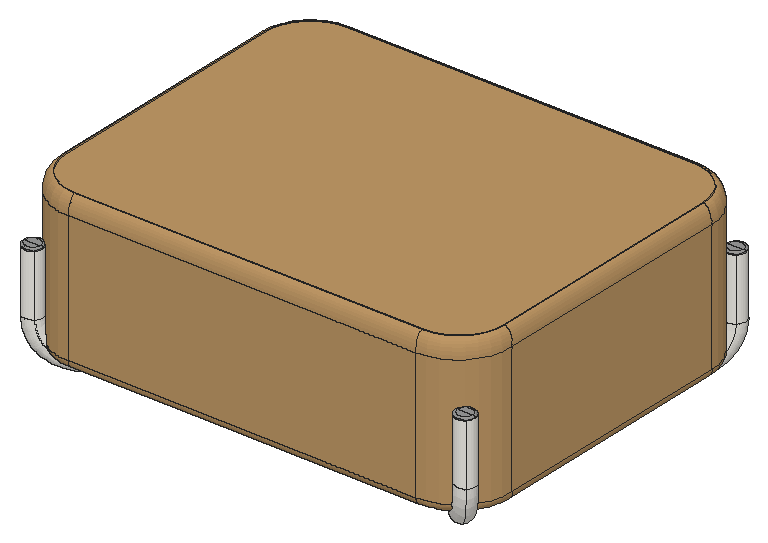
Revit family "FU_Modular_Sandler_Cosmo 1510", category Furniture, Revit 2020
Family settings
  OmniClass Number = 23.40.20.00
  OmniClass Title = General Furniture and Specialties
  Work Plane-Based = No
  Always vertical = Yes
  Cut with Voids When Loaded = No
  Shared = No
  Room Calculation Point = No
Parameters (values of type "Cosmo 1510")
  Width = 1110 mm
  URL = "https://www.sandlerseating.com/product/cosmo-1510/"
  Seat [instance] = Fabric - Gravity - Sunni CPC20
  Model = "Cosmo 1510"
  Manufacturer = "Sandler"
  Height = 800 mm
  Frame [instance] = Metal - Paint -AL VR - Pure White
  Description = "Modular ottoman with exposed steel frame. Can be used individually or added to other elements in the Cosmo range to form modular lounge seating."
  Depth = 880 mm
  Default Elevation = 0 mm
Reference planes
  plane 1 "Center (Front/Back)": y = 0
  plane 2: z = 0
  plane 3 "Center (Left/Right)": x = 0
  plane 4 "Right": x = -555
  plane 5 "Left": x = 555
  plane 6 "Back": y = 440
  plane 7 "Front": y = -440
  plane 8 "Height": z = 800
  plane 9 "Seat height": z = 440
  plane 10 "Frame Base C RIGHT": z = 33.282
  plane 11 "Frame Front C RIGHT": y = -414.45
  plane 12 "Frame Back C RIGHT": y = 415.775
  plane 13 "Frame Left C FRONT": x = 530.501
  plane 14 "Frame Back Left C TOP": through (209.563, 94.979, 1200) normal (-0.7071, 0.7071, 0)
  plane 15 "Frame Front C TOP": through (209.497, -93.945, 1200) normal (0.7071, 0.7071, 0)
  plane 16 "Frame Right C FRONT": x = -530.501
  plane 17: z = 290
Forms (mm)
  Sweep 1, solid, material "Metal - Paint -AL VR - Pure White" <- "Frame"
    path origin (0, 0, 33.282) x (0, -1, 0) y (1, 0, 0)
      loop
        line (319.706, 435.757) -> (73.771, 189.822)
        arc (73.771, 189.822) -> (-0.733, 158.961) -> (-75.238, 189.822) r 105.365
        line (-75.238, 189.822) -> (-321.173, 435.757)
    profile "Pro_Circles : 48mm" origin (312.789, -196.738, 33.282) x (-0.707107, -0.707107, 0) y (0, 0, 1)
      loop
        arc (-23.967, 0.067) -> (-17.014, -16.92) -> (-0.066, -23.967) r 23.901
        arc (-0.066, -23.967) -> (16.967, -16.967) -> (23.967, 0.067) r 23.901
        arc (23.967, 0.067) -> (16.92, 17.014) -> (-0.067, 23.967) r 23.9
        arc (-0.067, 23.967) -> (-16.966, 16.966) -> (-23.967, 0.067) r 23.9
  Sweep 2, solid, material "Metal - Paint -AL VR - Pure White" <- "Frame"
    path origin (57.776, 57.776, 0) x (-0.707107, 0.707107, 0) y (0, 0, 1)
      loop
        line (-532.237, 33.282) -> (-562.237, 33.282)
        arc (-562.237, 33.282) -> (-636.483, 64.036) -> (-667.237, 138.282) r 105
        line (-667.237, 138.282) -> (-667.237, 290)
    profile "Pro_Circles : 48mm" origin (444.731, -329.179, 33.282) x (0, 0, -1) y (0.707107, 0.707107, 0)
      loop
        arc (-23.967, 0.067) -> (-17.014, -16.92) -> (-0.066, -23.967) r 23.901
        arc (-0.066, -23.967) -> (16.967, -16.967) -> (23.967, 0.067) r 23.901
        arc (23.967, 0.067) -> (16.92, 17.014) -> (-0.067, 23.967) r 23.9
        arc (-0.067, 23.967) -> (-16.966, 16.966) -> (-23.967, 0.067) r 23.9
  Sweep 3, solid, material "Metal - Paint -AL VR - Pure White" <- "Frame"
    path origin (57.776, -57.776, 0) x (-0.707107, -0.707107, 0) y (0, 0, -1)
      loop
        line (-532.237, -33.282) -> (-562.237, -33.282)
        arc (-562.237, -33.282) -> (-636.483, -64.036) -> (-667.237, -138.282) r 105
        line (-667.237, -138.282) -> (-667.237, -290)
    profile "Pro_Circles : 48mm" origin (444.731, 329.179, 33.282) x (0, 0, 1) y (0.707107, -0.707107, 0)
      loop
        arc (23.967, 0.067) -> (16.966, 16.966) -> (0.067, 23.967) r 23.9
        arc (0.067, 23.967) -> (-16.92, 17.014) -> (-23.967, 0.067) r 23.9
        arc (-23.967, 0.067) -> (-16.967, -16.967) -> (0.066, -23.967) r 23.901
        arc (0.066, -23.967) -> (17.014, -16.92) -> (23.967, 0.067) r 23.901
  Sweep 4, solid, material "Metal - Paint -AL VR - Pure White" <- "Frame"
    path origin (0, 0, 33.282) x (0, -1, 0) y (-1, 0, 0)
      loop
        line (319.706, 435.757) -> (73.771, 189.822)
        arc (73.771, 189.822) -> (-0.733, 158.961) -> (-75.238, 189.822) r 105.365
        line (-75.238, 189.822) -> (-321.173, 435.757)
    profile "Pro_Circles : 48mm" origin (-312.789, -196.738, 33.282) x (-0.707107, 0.707107, 0) y (0, 0, 1)
      loop
        arc (23.967, 0.067) -> (16.966, 16.966) -> (0.067, 23.967) r 23.9
        arc (0.067, 23.967) -> (-16.92, 17.014) -> (-23.967, 0.067) r 23.9
        arc (-23.967, 0.067) -> (-16.967, -16.967) -> (0.066, -23.967) r 23.901
        arc (0.066, -23.967) -> (17.014, -16.92) -> (23.967, 0.067) r 23.901
  Sweep 5, solid, material "Metal - Paint -AL VR - Pure White" <- "Frame"
    path origin (-57.776, 57.776, 0) x (0.707107, 0.707107, 0) y (0, 0, -1)
      loop
        line (-532.237, -33.282) -> (-562.237, -33.282)
        arc (-562.237, -33.282) -> (-636.483, -64.036) -> (-667.237, -138.282) r 105
        line (-667.237, -138.282) -> (-667.237, -290)
    profile "Pro_Circles : 48mm" origin (-444.731, -329.179, 33.282) x (0, 0, 1) y (-0.707107, 0.707107, 0)
      loop
        arc (23.967, 0.067) -> (16.966, 16.966) -> (0.067, 23.967) r 23.9
        arc (0.067, 23.967) -> (-16.92, 17.014) -> (-23.967, 0.067) r 23.9
        arc (-23.967, 0.067) -> (-16.967, -16.967) -> (0.066, -23.967) r 23.901
        arc (0.066, -23.967) -> (17.014, -16.92) -> (23.967, 0.067) r 23.901
  Sweep 6, solid, material "Metal - Paint -AL VR - Pure White" <- "Frame"
    path origin (-57.776, -57.776, 0) x (0.707107, -0.707107, 0) y (0, 0, 1)
      loop
        line (-532.237, 33.282) -> (-562.237, 33.282)
        arc (-562.237, 33.282) -> (-636.483, 64.036) -> (-667.237, 138.282) r 105
        line (-667.237, 138.282) -> (-667.237, 290)
    profile "Pro_Circles : 48mm" origin (-444.731, 329.179, 33.282) x (0, 0, -1) y (-0.707107, -0.707107, 0)
      loop
        arc (-23.967, 0.067) -> (-17.014, -16.92) -> (-0.066, -23.967) r 23.901
        arc (-0.066, -23.967) -> (16.967, -16.967) -> (23.967, 0.067) r 23.901
        arc (23.967, 0.067) -> (16.92, 17.014) -> (-0.067, 23.967) r 23.9
        arc (-0.067, 23.967) -> (-16.966, 16.966) -> (-23.967, 0.067) r 23.9
  Revolve 7, solid, material "Rubber, Black"
    sketch origin (-0.781, -414.45, -401) x (0, 0, -1) y (1, 0, 0)
      loop
        line (-695.421, 530.33) -> (-695.421, 511.266)
        arc (-695.421, 511.266) -> (-694.22, 508.04) -> (-691.201, 506.385) r 4.933
        arc (-691.201, 506.385) -> (-690.636, 506.55) -> (-690.39, 507.086) r 0.708
        line (-690.39, 507.086) -> (-690.39, 508.836) -> (-685.421, 508.836) -> (-685.421, 530.33) -> (-695.421, 530.33)
      axis (-695.421, 530.33) -> (-685.421, 530.33)
    angle from 0 to 360
  Revolve 8, solid, material "Rubber, Black"
    sketch origin (0.781, -414.45, -401) x (0, 0, -1) y (-1, 0, 0)
      loop
        line (-695.421, 530.33) -> (-695.421, 511.266)
        arc (-695.421, 511.266) -> (-694.22, 508.04) -> (-691.201, 506.385) r 4.933
        arc (-691.201, 506.385) -> (-690.636, 506.55) -> (-690.39, 507.086) r 0.708
        line (-690.39, 507.086) -> (-690.39, 508.836) -> (-685.421, 508.836) -> (-685.421, 530.33) -> (-695.421, 530.33)
      axis (-695.421, 530.33) -> (-685.421, 530.33)
    angle from 0 to 360
  Revolve 9, solid, material "Rubber, Black"
    sketch origin (-0.781, 414.001, -401) x (0, 0, -1) y (-1, 0, 0)
      loop
        line (-695.421, -530.33) -> (-685.421, -530.33) -> (-685.421, -508.836) -> (-690.39, -508.836) -> (-690.39, -507.086)
        arc (-690.39, -507.086) -> (-690.636, -506.55) -> (-691.201, -506.385) r 0.708
        arc (-691.201, -506.385) -> (-694.22, -508.04) -> (-695.421, -511.266) r 4.933
        line (-695.421, -511.266) -> (-695.421, -530.33)
      axis (-695.421, -530.33) -> (-685.421, -530.33)
    angle from 0 to 360
  Revolve 10, solid, material "Rubber, Black"
    sketch origin (0.781, 414.001, -401) x (0, 0, -1) y (-1, 0, 0)
      loop
        line (-695.421, 530.33) -> (-695.421, 511.266)
        arc (-695.421, 511.266) -> (-694.22, 508.04) -> (-691.201, 506.385) r 4.933
        arc (-691.201, 506.385) -> (-690.636, 506.55) -> (-690.39, 507.086) r 0.708
        line (-690.39, 507.086) -> (-690.39, 508.836) -> (-685.421, 508.836) -> (-685.421, 530.33) -> (-695.421, 530.33)
      axis (-695.421, 530.33) -> (-685.421, 530.33)
    angle from 0 to 360
  Extrusion 11, solid, material "Rubber, Black"
    sketch origin (0, 0, 0) x (1, 0, 0) y (0, 1, 0)
      loop
        circle (384.746, 270.162) r 12.5
    from 0 to 33.282
  Extrusion 12, solid, material "Rubber, Black"
    sketch origin (0, 0, 0) x (1, 0, 0) y (0, 1, 0)
      loop
        circle (384.746, -270.162) r 12.5
    from 0 to 33.282
  Extrusion 13, solid, material "Rubber, Black"
    sketch origin (0, 0, 0) x (-1, 0, 0) y (0, -1, 0)
      loop
        circle (384.746, -270.162) r 12.5
    from 0 to 33.282
  Extrusion 14, solid, material "Rubber, Black"
    sketch origin (0, 0, 0) x (-1, 0, 0) y (0, -1, 0)
      loop
        circle (384.746, 270.162) r 12.5
    from 0 to 33.282
  Extrusion 15, solid, material "Fabric - Gravity - Sunni CPC20" <- "Seat"
    sketch origin (0, 0, 33.282) x (0, -1, 0) y (1, 0, 0)
      loop
        arc (-415.775, -425.667) -> (-383.557, -503.448) -> (-305.775, -535.667) r 110
        line (-305.775, -535.667) -> (304.45, -535.667)
        arc (304.45, -535.667) -> (382.232, -503.448) -> (414.45, -425.667) r 110
        line (414.45, -425.667) -> (414.45, 425.667)
        arc (414.45, 425.667) -> (382.232, 503.448) -> (304.45, 535.667) r 110
        line (304.45, 535.667) -> (-305.775, 535.667)
        arc (-305.775, 535.667) -> (-383.557, 503.448) -> (-415.775, 425.667) r 110
        line (-415.775, 425.667) -> (-415.775, -425.667)
    from 25.7 to 406.718
  Sweep 16, solid, material "Fabric - Gravity - Sunni CPC20" <- "Seat"
    path in 3D
      loop
        arc (-535.667, -304.45, 440) -> (-503.448, -382.232, 440) -> (-425.667, -414.45, 440) r 110
        line (-425.667, -414.45, 440) -> (425.667, -414.45, 440)
        arc (425.667, -414.45, 440) -> (503.448, -382.232, 440) -> (535.667, -304.45, 440) r 110
        line (535.667, -304.45, 440) -> (535.667, 305.775, 440)
        arc (535.667, 305.775, 440) -> (503.448, 383.557, 440) -> (425.667, 415.775, 440) r 110
        line (425.667, 415.775, 440) -> (-425.667, 415.775, 440)
        arc (-425.667, 415.775, 440) -> (-503.448, 383.557, 440) -> (-535.667, 305.775, 440) r 110
        line (-535.667, 305.775, 440) -> (-535.667, -304.45, 440)
    profile "Pro_Cosmo_SeatEdge : Pro_Cosmo_SeatEdge" origin (-535.667, 0.662, 440) x (1, 0, 0) y (0, 0, 1)
      loop
        line (-21, -42) -> (-21, -360)
        arc (-21, -360) -> (-14.849, -374.849) -> (0, -381) r 21
        line (0, -381) -> (0, 0)
        spline (0, 0) -> (-2.741, -0.359) -> (-5.435, -1.431) -> (-8.036, -3.197) -> (-10.5, -5.627) -> (-12.784, -8.679) -> (-14.849, -12.302) -> (-16.66, -16.432) -> (-18.187, -21) -> (-19.401, -25.927) -> (-20.284, -31.13) -> (-20.82, -36.518) -> (-21, -42)
Lines and regions (mm)
  sketch lines
    curve 1: line (-535.667, 305.775, 440) -> (-535.667, -304.45, 440)
    curve 2: arc (-425.667, -414.45, 440) -> (-503.448, -382.232, 440) -> (-535.667, -304.45, 440) r 110
    curve 3: line (-425.667, -414.45, 440) -> (425.667, -414.45, 440)
    curve 4: arc (535.667, -304.45, 440) -> (503.448, -382.232, 440) -> (425.667, -414.45, 440) r 110
    curve 5: line (535.667, -304.45, 440) -> (535.667, 305.775, 440)
    curve 6: arc (425.667, 415.775, 440) -> (503.448, 383.557, 440) -> (535.667, 305.775, 440) r 110
    curve 7: line (425.667, 415.775, 440) -> (-425.667, 415.775, 440)
    curve 8: arc (-535.667, 305.775, 440) -> (-503.448, 383.557, 440) -> (-425.667, 415.775, 440) r 110
Dimensions and locks
  equal spacing: plane 4 "Right", plane 3 "Center (Left/Right)", plane 5 "Left"
  "Width": plane 4 "Right" to plane 5 "Left"
  equal spacing: plane 6 "Back", plane 1 "Center (Front/Back)", plane 7 "Front"
  "Depth": plane 6 "Back" to plane 7 "Front"
  "Height": plane 8 "Height" to level
  plane 9 "Seat height" to level = 440 mm
  aligned and locked: level to plane 2
Automatic sketch dimensions
  Sweep 1 sketch curve to plane 14 "Frame Back Left C TOP" = 0 mm  (x2)
  Sweep 1 sketch curve to plane 1 "Center (Front/Back)" = 75.238 mm
  Sweep 1 sketch curve to plane 1 "Center (Front/Back)" = 0.733 mm
  plane 1 "Center (Front/Back)" to Sweep 1 sketch curve = 73.771 mm
  Sweep 1 sketch curve to Sweep 1 sketch curve = 74.504 mm
  Sweep 1 sketch curve to plane 12 "Frame Back C RIGHT" = 94.602 mm
  Sweep 1 sketch curve to plane 11 "Frame Front C RIGHT" = 94.744 mm
  Sweep 1 sketch curve to plane 13 "Frame Left C FRONT" = 94.744 mm
  plane 1 "Center (Front/Back)" to Sweep 4 sketch curve = 75.238 mm
  plane 1 "Center (Front/Back)" to Sweep 4 sketch curve = 0.733 mm
  Sweep 4 sketch curve to plane 1 "Center (Front/Back)" = 73.771 mm
  plane 3 "Center (Left/Right)" to Sweep 4 sketch curve = 189.822 mm
  Sweep 4 sketch curve to Sweep 4 sketch curve = 74.504 mm
  plane 12 "Frame Back C RIGHT" to Sweep 4 sketch curve = 94.602 mm
  plane 11 "Frame Front C RIGHT" to Sweep 4 sketch curve = 94.744 mm
  plane 4 "Right" to Sweep 4 sketch curve = 119.243 mm  (x2)
  Revolve 7 sketch curve to plane 13 "Frame Left C FRONT" = 0.952 mm  (x2)
  Revolve 7 sketch curve to plane 8 "Height" = 505.579 mm
  Revolve 7 sketch curve to Revolve 7 sketch curve = 4.322 mm
  Revolve 7 sketch curve to Revolve 7 sketch curve = 0.611 mm
  Revolve 7 sketch curve to Revolve 7 sketch curve = 0.708 mm
  Revolve 7 sketch curve to Revolve 7 sketch curve = 4.97 mm
  Revolve 7 sketch curve to Revolve 7 sketch curve = 19.065 mm
  Revolve 7 sketch curve to Revolve 7 sketch curve = 2.43 mm
  Revolve 7 sketch curve to Revolve 7 sketch curve = 1.75 mm
  Revolve 7 sketch curve to Revolve 7 sketch curve = 7.372 mm
  Revolve 7 sketch curve to Revolve 7 sketch curve = 19.192 mm
  plane 4 "Right" to Revolve 8 sketch curve = 25.451 mm
  plane 8 "Height" to Revolve 8 sketch curve = 505.579 mm
  Revolve 8 sketch curve to Revolve 8 sketch curve = 4.322 mm
  Revolve 8 sketch curve to Revolve 8 sketch curve = 0.611 mm
  Revolve 8 sketch curve to Revolve 8 sketch curve = 0.708 mm
  Revolve 8 sketch curve to Revolve 8 sketch curve = 4.97 mm
  Revolve 8 sketch curve to Revolve 8 sketch curve = 19.065 mm
  Revolve 8 sketch curve to Revolve 8 sketch curve = 2.43 mm
  Revolve 8 sketch curve to Revolve 8 sketch curve = 1.75 mm
  Revolve 8 sketch curve to Revolve 8 sketch curve = 7.372 mm
  Revolve 8 sketch curve to Revolve 8 sketch curve = 19.192 mm
  Revolve 8 sketch curve to Revolve 8 sketch curve = 0 mm
  Revolve 9 sketch curve to plane 13 "Frame Left C FRONT" = 0.952 mm  (x2)
  Revolve 9 sketch curve to plane 8 "Height" = 505.579 mm
  Revolve 9 sketch curve to Revolve 9 sketch curve = 4.322 mm
  Revolve 9 sketch curve to Revolve 9 sketch curve = 0.611 mm
  Revolve 9 sketch curve to Revolve 9 sketch curve = 0.708 mm
  Revolve 9 sketch curve to Revolve 9 sketch curve = 4.97 mm
  Revolve 9 sketch curve to Revolve 9 sketch curve = 19.065 mm
  Revolve 9 sketch curve to Revolve 9 sketch curve = 2.43 mm
  Revolve 9 sketch curve to Revolve 9 sketch curve = 1.75 mm
  Revolve 9 sketch curve to Revolve 9 sketch curve = 7.372 mm
  Revolve 9 sketch curve to Revolve 9 sketch curve = 19.192 mm
  Revolve 10 sketch curve to plane 4 "Right" = 25.451 mm
  Revolve 10 sketch curve to plane 8 "Height" = 505.579 mm
  Revolve 10 sketch curve to Revolve 10 sketch curve = 4.322 mm
  Revolve 10 sketch curve to Revolve 10 sketch curve = 0.611 mm
  Revolve 10 sketch curve to Revolve 10 sketch curve = 0.708 mm
  Revolve 10 sketch curve to Revolve 10 sketch curve = 4.97 mm
  Revolve 10 sketch curve to Revolve 10 sketch curve = 19.065 mm
  Revolve 10 sketch curve to Revolve 10 sketch curve = 2.43 mm
  Revolve 10 sketch curve to Revolve 10 sketch curve = 1.75 mm
  Revolve 10 sketch curve to Revolve 10 sketch curve = 7.372 mm
  Revolve 10 sketch curve to Revolve 10 sketch curve = 19.192 mm
  Revolve 10 sketch curve to Revolve 10 sketch curve = 0 mm
  Extrusion 11 sketch curve to plane 14 "Frame Back Left C TOP" = 0 mm
  Extrusion 11 sketch curve to plane 12 "Frame Back C RIGHT" = 145.613 mm
  plane 13 "Frame Left C FRONT" to Extrusion 12 sketch curve = 145.755 mm
  plane 11 "Frame Front C RIGHT" to Extrusion 12 sketch curve = 144.288 mm
  plane 4 "Right" to Extrusion 13 sketch curve = 170.254 mm
  plane 12 "Frame Back C RIGHT" to Extrusion 13 sketch curve = 145.613 mm
  Extrusion 14 sketch curve to plane 4 "Right" = 170.254 mm
  Extrusion 14 sketch curve to plane 11 "Frame Front C RIGHT" = 144.288 mm
  Extrusion 15 sketch curve to plane 12 "Frame Back C RIGHT" = 0 mm
  plane 11 "Frame Front C RIGHT" to Extrusion 15 sketch curve = 0 mm
  plane 16 "Frame Right C FRONT" to Extrusion 15 sketch curve = 5.165 mm
  Extrusion 15 sketch curve to plane 12 "Frame Back C RIGHT" = 110 mm  (x2)
  plane 13 "Frame Left C FRONT" to Extrusion 15 sketch curve = 5.165 mm
  Extrusion 15 sketch curve to plane 16 "Frame Right C FRONT" = 104.835 mm
  Extrusion 15 sketch curve to plane 13 "Frame Left C FRONT" = 104.835 mm
  plane 17 to Sweep 5 sketch curve = 0 mm
  plane 10 "Frame Base C RIGHT" to Sweep 5 sketch curve = 0 mm
  plane 10 "Frame Base C RIGHT" to Sweep 5 sketch curve = 105 mm
  Sweep 5 sketch curve to plane 15 "Frame Front C TOP" = 748.945 mm
  Sweep 5 sketch curve to Sweep 5 sketch curve = 30 mm
  plane 17 to Sweep 2 sketch curve = 0 mm
  plane 10 "Frame Base C RIGHT" to Sweep 2 sketch curve = 0 mm
  plane 10 "Frame Base C RIGHT" to Sweep 2 sketch curve = 105 mm
  Sweep 2 sketch curve to plane 14 "Frame Back Left C TOP" = 586.214 mm
  Sweep 2 sketch curve to Sweep 2 sketch curve = 30 mm
  Sweep 6 sketch curve to plane 17 = 0 mm
  Sweep 6 sketch curve to plane 10 "Frame Base C RIGHT" = 0 mm
  plane 10 "Frame Base C RIGHT" to Sweep 6 sketch curve = 105 mm
  plane 14 "Frame Back Left C TOP" to Sweep 6 sketch curve = 748.26 mm
  Sweep 6 sketch curve to Sweep 6 sketch curve = 30 mm
  Sweep 3 sketch curve to plane 17 = 0 mm
  Sweep 3 sketch curve to plane 10 "Frame Base C RIGHT" = 0 mm
  plane 10 "Frame Base C RIGHT" to Sweep 3 sketch curve = 105 mm
  plane 15 "Frame Front C TOP" to Sweep 3 sketch curve = 585.529 mm
  Sweep 3 sketch curve to Sweep 3 sketch curve = 30 mm
  radius of Extrusion 11 sketch curve = 12.5 mm
  radius of Extrusion 12 sketch curve = 12.5 mm
  radius of Extrusion 13 sketch curve = 12.5 mm
  radius of Extrusion 14 sketch curve = 12.5 mm
